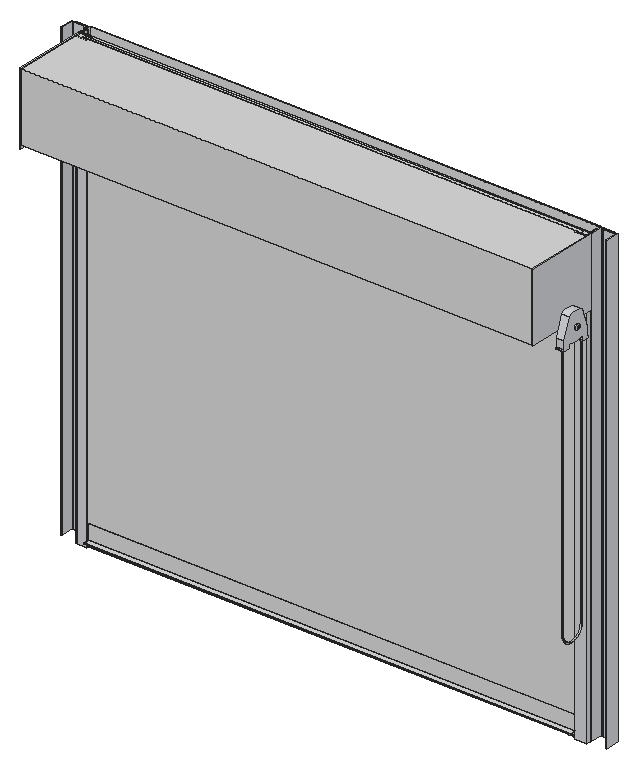
Revit family "Door_Thermiser_BetweenJambMount_Cookson", category Doors, host Wall, Revit 2013
Parameters (values of type "Hand-Chain Operated Aluminum, clear anodized finish")
  Sizing Disclaimer = "30’ wide, 30’ high standard construction. Large Openings possible, consult factory. "  # constant formula
  Revit Object Download Link = "http://cornellcookson.smartbim.com/download/Door_Thermiser_BetweenJambMount_Cookson"
  Product Options = "Insulated Doors muffle unwanted sound. STC 27"  # constant formula
  Optional Operator Cover Right = no
  Optional Operator Cover Left = no
  Mounting = "Between Jambs"  # constant formula
  URL Specifications = "http://www.cooksondoor.com/docs/default-source/Specifications/thermiser-insulated-service-door-specification_k.doc"
  URL Photographs = "http://www.cooksondoor.com/product/thermiser-insulated-doors"
  URL CAD = "http://www.cooksondoor.com/architect-tools-and-resources/drawing-generator?prod=therm"
  Motor Operator = no
  Function = Interior
  Curtain 3" slats filled w. 7/8" insulation = Aluminum, clear anodized finish (curtain only)
  Hand Chain = yes
  Bottom Bar = Aluminum, clear anodized finish (non curtain components)
  Guides = Aluminum, clear anodized finish (non curtain components)
  Hood = Aluminum, clear anodized finish (non curtain components)
  URL = "http://www.cooksondoor.com/product/thermiser-insulated-doors"
  Subcategory = "Roll Up"  # constant formula
  Optional aluminum, color anodized finish = no
  Wall Construction = "Masonry, Steel or Wood"  # constant formula
  Operator = Operator : Hand-Chain
  Representative Disclaimer = "Cookson products are sold and installed through a nationwide network of independent distributors."  # constant formula
  Distributor Locator = "http://www.cooksondoor.com/find-a-dealer"
  Operator Width = (Width - 2 * 0' 3 1/4") + 0' 3 7/16" * 2  # 12' - 0 3/8"
  Operation = ""
  From Coil Side Operate on Right = yes
  From Coil Side Operate on Left = not(From Coil Side Operate on Right)  # no
  Model = "ESD20 "  # constant formula
  Manufacturer = "CornellCookson,Inc."  # constant formula
  LEED Information = "http://www.cooksondoor.com/architect-tools-and-resources/leed-information"
  Height = 10' - 0"
  Wall Closure = By host
  Width = 12' - 0"
  Description = "Built to order Thermiser® insulated rolling doors maintain different temperatures on each side of the door. "  # constant formula
  Operator Height = Height / 1.5  # 6' - 8"
  Assembly Code = "B2030410"
  Air Infiltration / Code Compliance = "Complies with ASHRAE 90.1 and 2012 IECC® (International Energy Conservation Code) requirements or less than .3 CFM/FT2.  Air infiltration rate of .27 CFM/FT2 validated by an independent testing agency for Face of Wall mounting configuration.  Test report to be made available upon request."  # constant formula
  ASHRAE and IECC 2012 Compliance = "Foam Block in Guides with Lintel Seal inserted with Vinyl.  Meets ASHRAE 90.1 and IECC 2012 air infitration requirements of less than .3 CFM/FT2.  (Face of Wall mounted configuration. Test results available upon request.)"  # constant formula
  95 CSI = "08330"  # constant formula
  Windload = "A full range of specific wind load requirements available- Consult Cookson. "  # constant formula
  Sound Transmission Class Rating = "STC 30 for the curtain, and 22 for the complete, operable door assembly"  # constant formula
  Optional Powder Coated Finish, standard RAL colors, Galv. Steel and Aluminum only = no
  Coil Dimension Note = "17” to 30” -  Consult Cookson when dimensions are critical."  # constant formula
  Jamb Dimension Note = "Between Jambs:  7 3/4In to 11In wide. Consult Cookson when dimensions are critical."  # constant formula
  04 CSI = "08 33 00"  # constant formula
  Cost Note = "Based on size, materials selected. Consult Cookson."  # constant formula
Types (8): name | Motor Operator | Curtain 3" slats filled w. 7/8" insulation | Hand Chain | Bottom Bar | Guides | Hood | Operator | From Coil Side Operate on Right | From Coil Side Operate on Left
  Hand-Chain Operated Galvanized Steel | no | Galvanized steel (curtain only) | yes | Galvanized or powder coated plain steel (non curtain components) | Galvanized or powder coated plain steel (non curtain components) | Galvanized or powder coated plain steel (non curtain components) | Operator : Hand-Chain | yes | no
  Hand-Chain Operated Stainless steel | no | none | yes | Stainless steel (non curtain components) | Stainless steel (non curtain components) | Stainless steel (non curtain components) | Operator : Hand-Chain | yes | no
  Motor Operated Galvanized Steel | yes | Galvanized steel (curtain only) | no | Galvanized or powder coated plain steel (non curtain components) | Galvanized or powder coated plain steel (non curtain components) | Galvanized or powder coated plain steel (non curtain components) | Operator : Motor Operator | yes | no
  Motor Operated Stainless Steel | yes | none | no | Stainless steel (non curtain components) | Stainless steel (non curtain components) | Stainless steel (non curtain components) | Operator : Motor Operator | no | yes
  Hand-Chain Operated Aluminum, mill finish | no | Aluminum, mill finish (curtain only) | yes | Aluminum, mill finish (non curtain components) | Aluminum, mill finish (non curtain components) | Aluminum, mill finish (non curtain components) | Operator : Hand-Chain | yes | no
  Hand-Chain Operated Aluminum, clear anodized finish | no | Aluminum, clear anodized finish (curtain only) | yes | Aluminum, clear anodized finish (non curtain components) | Aluminum, clear anodized finish (non curtain components) | Aluminum, clear anodized finish (non curtain components) | Operator : Hand-Chain | yes | no
  Motor Operated Aluminum, clear anodized finish | yes | Aluminum, clear anodized finish (curtain only) | no | Aluminum, clear anodized finish (non curtain components) | Aluminum, clear anodized finish (non curtain components) | Aluminum, clear anodized finish (non curtain components) | Operator : Motor Operator | yes | no
  Motor Operated Aluminum, mill finish | yes | Aluminum, mill finish (curtain only) | no | Aluminum, mill finish (non curtain components) | Aluminum, mill finish (non curtain components) | Aluminum, mill finish (non curtain components) | Operator : Motor Operator | yes | no
Reference planes (in)
  plane 1 "Center (Front/Back)": y = 0
  plane 2 "Center (Left/Right)": x = 36
  plane 3 "Left": x = -36
  plane 4 "Right": x = 108
  plane 5 "Top": z = 120
  plane 6 "Wall Edge": y = -4
  plane 7 "Left Edge of Hood": x = -42.75
  plane 8: y = -4
  plane 9 "Right Edge of Hood": x = 114.75
  plane 10 "Bottom Bar Alignment": y = -5.8765
  plane 11: y = -2.12013
  plane 12: x = -29.74865
  plane 13: x = 101.74865
  plane 14: x = -31.0625
  plane 15: z = 5.53516
  plane 16: x = 105.75
  plane 17: y = -11.65733
  plane 18: y = -19.31465
  plane 19: z = 102
  plane 20: x = -39
  plane 21: y = -33.25
  plane 22: y = -21.875
  plane 23: y = -1.12488
  plane 24: z = 102
  plane 25: y = -5.5
Forms (in)
  Sweep 1, solid, material "Aluminum, clear anodized finish (non curtain components)" <- "Hood"
    path origin (0, -4, -11) x (-1, 0, 0) y (0, 0, 1)
      loop
        line (-103.4375, 124.35156) -> (31.438, 124.35156)
    profile "Profile_Hood : Profile_Hood" origin (35.99975, -4, 113.35156) x (0, 0, 1) y (0, 1, 0)
      loop
        line (6.64844, -17.875) -> (6.64844, 1.875) -> (-11.35156, 1.875) -> (-11.35156, -17.875) -> (6.64844, -17.875)
  Sweep 2, solid, material "Aluminum, clear anodized finish (non curtain components)" <- "Bottom Bar"
    path origin (-37.26514, -4, 47.99916) x (-1, 0, 0) y (0, 0, 1)
      loop
        line (-137.51514, -48) -> (-9.01514, -48)
    profile "Profile_BottomBar : Profile_BottomBar" origin (36, -4, -0.00084) x (0, 0, 1) y (0, 1, 0)
      loop
        line (1.84214, 1.28791) -> (1.60324, 2.77486)
        arc (1.60324, 2.77486) -> (1.57787, 2.80943) -> (1.535, 2.80903) r 0.047
        line (1.535, 2.80903) -> (1.535, 2.61332) -> (1.75124, 1.26741) -> (0.453, 1.26741)
        arc (0.453, 1.26741) -> (0.33587, 1.252) -> (0.22671, 1.20684) r 0.453
        arc (0.22671, 1.20684) -> (0.12854, 1.13053) -> (0.05482, 1.03042) r 0.453
        arc (0.05482, 1.03042) -> (0.00923, 0.90541) -> (0.00194, 0.77254) r 0.453
        arc (0.00194, 0.77254) -> (0.03976, 0.62881) -> (0.12207, 0.50506) r 0.453
        arc (0.12207, 0.50506) -> (0.1705, 0.46028) -> (0.22493, 0.42301) r 0.453
        arc (0.22493, 0.42301) -> (0.33488, 0.37708) -> (0.453, 0.36141) r 0.453
        line (0.453, 0.36141) -> (1.629, 0.36141) -> (1.629, -1.04659)
        arc (1.629, -1.04659) -> (1.61992, -1.06851) -> (1.598, -1.07759) r 0.031
        line (1.598, -1.07759) -> (1.566, -1.07759)
        arc (1.566, -1.07759) -> (1.54408, -1.08667) -> (1.535, -1.10859) r 0.031
        line (1.535, -1.10859) -> (1.535, -1.17009)
        arc (1.535, -1.17009) -> (1.54877, -1.20333) -> (1.582, -1.21709) r 0.047
        line (1.582, -1.21709) -> (1.676, -1.21709)
        arc (1.676, -1.21709) -> (1.70923, -1.20333) -> (1.723, -1.17009) r 0.047
        line (1.723, -1.17009) -> (1.723, 0.34491) -> (5.536, 0.34491) -> (5.536, 1.28791) -> (1.84214, 1.28791)
  Extrusion 3, solid, material "Aluminum, clear anodized finish (non curtain components)" <- "Hood"
    sketch origin (0, -0.73439, 101.99245) x (1, 0, 0) y (0, 1, 0)
      loop
        line (-31.0625, 1.48439) -> (103.063, 1.48439) -> (103.063, 1.60939) -> (-31.0625, 1.60939) -> (-31.0625, 1.48439)
    from 0.00755 to 18.00755
  Extrusion 4, solid, material "Aluminum, clear anodized finish (curtain only)" <- "Curtain 3" slats filled w. 7/8" insulation"
    sketch origin (10, 0, 0) x (1, 0, 0) y (0, 1, 0)
      loop
        line (-39.74865, -2.875) -> (-39.74865, -3.5) -> (91.74865, -3.5) -> (91.74865, -2.875) -> (-39.74865, -2.875)
    from 5.53516 to 120
Lines and regions (in)
  Opening 1
    outline origin (-98, -4, 0) x (1, 0, 0) y (0, 0, 1)
      loop
        line (62, 0) -> (206, 0) -> (206, 120) -> (62, 120) -> (62, 0)
  symbolic lines, style "Roller Chamber"
    curve 1: line (-31.438, -4, 0) -> (-36, -4, 0)
    curve 2: line (108, -4, 0) -> (103.438, -4, 0)
  symbolic lines, style "DoorsPanelProjection"
    curve 3: line (-31.438, -2.75, 0) -> (-31.438, 0.75, 0)
    curve 4: line (-31.438, 0.75, 0) -> (-34.938, 0.75, 0)
    curve 5: line (-34.938, 0.75, 0) -> (-34.938, 0.625, 0)
    curve 6: arc (-34.938, 0.625, 0) -> (-34.90139, 0.53661, 0) -> (-34.813, 0.5, 0) r 0.125
    curve 7: line (-34.813, 0.5, 0) -> (-31.813, 0.5, 0)
    curve 8: arc (-31.813, 0.5, 0) -> (-31.72461, 0.46339, 0) -> (-31.688, 0.375, 0) r 0.125
    curve 9: line (-31.688, 0.375, 0) -> (-31.688, -2.625, 0)
    curve 10: arc (-31.688, -2.625, 0) -> (-31.65139, -2.71339, 0) -> (-31.563, -2.75, 0) r 0.125
    curve 11: line (-31.563, -2.75, 0) -> (-31.438, -2.75, 0)
    curve 12: line (-35.75, -2.875, 0) -> (-35.75, 0.125, 0)
    curve 13: arc (-35.75, 0.125, 0) -> (-35.71339, 0.21339, 0) -> (-35.625, 0.25, 0) r 0.125
    curve 14: line (-35.625, 0.25, 0) -> (-32.625, 0.25, 0)
    curve 15: arc (-32.625, 0.25, 0) -> (-32.53661, 0.28661, 0) -> (-32.5, 0.375, 0) r 0.125
    curve 16: line (-32.5, 0.375, 0) -> (-32.5, 0.5, 0)
    curve 17: line (-32.5, 0.5, 0) -> (-36, 0.5, 0)
    curve 18: line (-36, 0.5, 0) -> (-36, -3, 0)
    curve 19: line (-36, -3, 0) -> (-35.875, -3, 0)
    curve 20: arc (-35.875, -3, 0) -> (-35.78661, -2.96339, 0) -> (-35.75, -2.875, 0) r 0.125
    curve 21: line (-28.34425, -2.25, 0) -> (-30.96925, -2.25, 0)
    curve 22: arc (-30.96925, -2.25, 0) -> (-31.03554, -2.22254, 0) -> (-31.063, -2.15625, 0) r 0.09375
    curve 23: line (-31.063, -2.15625, 0) -> (-31.063, -0.53125, 0)
    curve 24: arc (-31.063, -0.53125, 0) -> (-31.09046, -0.46496, 0) -> (-31.15675, -0.4375, 0) r 0.09375
    curve 25: line (-31.15675, -0.4375, 0) -> (-31.2505, -0.4375, 0)
    curve 26: line (-31.2505, -0.4375, 0) -> (-31.2505, -2.4375, 0)
    curve 27: line (-31.2505, -2.4375, 0) -> (-28.2505, -2.4375, 0)
    curve 28: line (-28.2505, -2.4375, 0) -> (-28.2505, -2.34375, 0)
    curve 29: arc (-28.2505, -2.34375, 0) -> (-28.27796, -2.27746, 0) -> (-28.34425, -2.25, 0) r 0.09375
    curve 30: line (-31.2505, -3.71875, 0) -> (-31.2505, -1.09375, 0)
    curve 31: arc (-31.2505, -1.09375, 0) -> (-31.27796, -1.02746, 0) -> (-31.34425, -1, 0) r 0.09375
    curve 32: line (-31.34425, -1, 0) -> (-31.438, -1, 0)
    curve 33: line (-31.438, -1, 0) -> (-31.438, -4, 0)
    curve 34: line (-31.438, -4, 0) -> (-28.25, -4, 0)
    curve 35: line (-28.438, -4, 0) -> (-28.438, -3.90625, 0)
    curve 36: arc (-28.438, -3.90625, 0) -> (-28.46546, -3.83996, 0) -> (-28.53175, -3.8125, 0) r 0.09375
    curve 37: line (-28.53175, -3.8125, 0) -> (-31.15675, -3.8125, 0)
    curve 38: arc (-31.15675, -3.8125, 0) -> (-31.22304, -3.78504, 0) -> (-31.2505, -3.71875, 0) r 0.09375
    curve 39: line (104.625, 0.25, 0) -> (107.625, 0.25, 0)
    curve 40: arc (107.625, 0.25, 0) -> (107.71339, 0.21339, 0) -> (107.75, 0.125, 0) r 0.125
    curve 41: line (107.75, 0.125, 0) -> (107.75, -2.875, 0)
    curve 42: arc (107.75, -2.875, 0) -> (107.78661, -2.96339, 0) -> (107.875, -3, 0) r 0.125
    curve 43: line (107.875, -3, 0) -> (108, -3, 0)
    curve 44: line (108, -3, 0) -> (108, 0.5, 0)
    curve 45: line (108, 0.5, 0) -> (104.5, 0.5, 0)
    curve 46: line (104.5, 0.5, 0) -> (104.5, 0.375, 0)
    curve 47: arc (104.5, 0.375, 0) -> (104.53661, 0.28661, 0) -> (104.625, 0.25, 0) r 0.125
    curve 48: line (103.688, -2.625, 0) -> (103.688, 0.375, 0)
    curve 49: arc (103.688, 0.375, 0) -> (103.72461, 0.46339, 0) -> (103.813, 0.5, 0) r 0.125
    curve 50: line (103.813, 0.5, 0) -> (106.813, 0.5, 0)
    curve 51: arc (106.813, 0.5, 0) -> (106.90139, 0.53661, 0) -> (106.938, 0.625, 0) r 0.125
    curve 52: line (106.938, 0.625, 0) -> (106.938, 0.75, 0)
    curve 53: line (106.938, 0.75, 0) -> (103.438, 0.75, 0)
    curve 54: line (103.438, 0.75, 0) -> (103.438, -2.75, 0)
    curve 55: line (103.438, -2.75, 0) -> (103.563, -2.75, 0)
    curve 56: arc (103.563, -2.75, 0) -> (103.65139, -2.71339, 0) -> (103.688, -2.625, 0) r 0.125
    curve 57: line (102.96925, -2.25, 0) -> (100.34425, -2.25, 0)
    curve 58: arc (100.34425, -2.25, 0) -> (100.27796, -2.27746, 0) -> (100.2505, -2.34375, 0) r 0.09375
    curve 59: line (100.2505, -2.34375, 0) -> (100.2505, -2.4375, 0)
    curve 60: line (100.2505, -2.4375, 0) -> (103.2505, -2.4375, 0)
    curve 61: line (103.2505, -2.4375, 0) -> (103.2505, -0.4375, 0)
    curve 62: line (103.2505, -0.4375, 0) -> (103.15675, -0.4375, 0)
    curve 63: arc (103.15675, -0.4375, 0) -> (103.09046, -0.46496, 0) -> (103.063, -0.53125, 0) r 0.09375
    curve 64: line (103.063, -0.53125, 0) -> (103.063, -2.15625, 0)
    curve 65: arc (103.063, -2.15625, 0) -> (103.03554, -2.22254, 0) -> (102.96925, -2.25, 0) r 0.09375
    curve 66: line (103.438, -4, 0) -> (100.438, -4, 0)
    curve 67: line (100.438, -4, 0) -> (100.438, -3.90625, 0)
    curve 68: arc (100.438, -3.90625, 0) -> (100.46546, -3.83996, 0) -> (100.53175, -3.8125, 0) r 0.09375
    curve 69: line (100.53175, -3.8125, 0) -> (103.15675, -3.8125, 0)
    curve 70: arc (103.15675, -3.8125, 0) -> (103.22304, -3.78504, 0) -> (103.2505, -3.71875, 0) r 0.09375
    curve 71: line (103.2505, -3.71875, 0) -> (103.2505, -1.09375, 0)
    curve 72: arc (103.2505, -1.09375, 0) -> (103.27796, -1.02746, 0) -> (103.34425, -1, 0) r 0.09375
    curve 73: line (103.34425, -1, 0) -> (103.438, -1, 0)
    curve 74: line (103.15675, -3.8125, 0) -> (100.53175, -3.8125, 0)
    curve 75: arc (100.53175, -3.8125, 0) -> (100.46546, -3.83996, 0) -> (100.438, -3.90625, 0) r 0.09375
    curve 76: line (100.438, -3.90625, 0) -> (100.438, -4, 0)
    curve 77: line (100.25, -4, 0) -> (103.438, -4, 0)
    curve 78: line (103.438, -4, 0) -> (103.438, -1, 0)
    curve 79: line (103.438, -1, 0) -> (103.34425, -1, 0)
    curve 80: arc (103.34425, -1, 0) -> (103.27796, -1.02746, 0) -> (103.2505, -1.09375, 0) r 0.09375
    curve 81: line (103.2505, -1.09375, 0) -> (103.2505, -3.71875, 0)
    curve 82: arc (103.2505, -3.71875, 0) -> (103.22304, -3.78504, 0) -> (103.15675, -3.8125, 0) r 0.09375
    curve 83: line (-28.25, -1.18559, 0) -> (-28.25, -2.875, 0)
    curve 84: line (-28.25, -5.21709, 0) -> (100.25, -5.21709, 0)
    curve 85: line (100.25, -1.18559, 0) -> (100.25, -2.875, 0)
    curve 86: line (-28.25, -1.18559, 0) -> (100.25, -1.18559, 0)
    curve 87: line (101.74865, -2.875, 0) -> (-29.74865, -2.875, 0)
    curve 88: line (-29.74865, -2.875, 0) -> (-29.74865, -3.5, 0)
    curve 89: line (-29.74865, -3.5, 0) -> (101.74865, -3.5, 0)
    curve 90: line (101.74865, -3.5, 0) -> (101.74865, -2.875, 0)
    curve 91: line (100.25, -3.5, 0) -> (100.25, -5.21709, 0)
    curve 92: line (-28.25, -3.5, 0) -> (-28.25, -5.21709, 0)
Text (in)
  text "Exterior" at (-74.96733, 27.31104, 0), in view "Ref. Level"
  text "Interior" at (-74.96733, -25.14366, 0), in view "Ref. Level"
  text "Exterior" at (0, 40.15149, 123.01588), in view "Right"
  text "Interior" at (0, -64.39139, 123.01588), in view "Right"
  text "Interior" at (0, -63.63426, 123.00693), in view "Left"
  text "Exterior" at (0, 54.57065, 123.00693), in view "Left"
Dimensions and locks (in)
  equal spacing: plane 3 "Left", plane 2 "Center (Left/Right)", plane 4 "Right"
  "Height": level to plane 5 "Top"
  "Width": plane 3 "Left" to plane 4 "Right"
  locked: plane 7 "Left Edge of Hood" to plane 3 "Left" at 6.75
  locked: plane 8 to plane 6 "Wall Edge"
  locked: plane 9 "Right Edge of Hood" to plane 4 "Right" at 6.75
  locked: plane 10 "Bottom Bar Alignment" to plane 8 at 1.8765
  locked: plane 11 to host wall at 2.12013
  locked: plane 3 "Left" to plane 12 at 6.25135
  locked: plane 13 to plane 4 "Right" at 6.25135
  locked: Extrusion 3 sketch curve to Extrusion 3 sketch curve at 0.125
  locked: Extrusion 3 to Extrusion 3 at 0.125
  locked: plane 14 to plane 12 at 1.31385
  locked: level to plane 15 at 5.53516
  Sweep 1 to plane 16 to plane 4 "Right" = 0' - 2 5/16", 0' - 2 1/4"
  equal spacing: plane 6 "Wall Edge", plane 17, plane 18
  locked: plane 8 to plane 18 at 15.31465
  plane 20 to plane 3 "Left" to Sweep 1 = 0' - 3", 0' - 4.562"
  plane 14 to Extrusion 4 sketch curve = 0' - 1.31385"
  locked: Extrusion 4 sketch curve to Extrusion 4 sketch curve at 0.625
  locked: plane 22 to plane 21 at 11.375
  locked: host wall to plane 22 at 17.875
  locked: plane 5 "Top" to plane 24 at 18
  plane 24 to level = 8' - 6"
  locked: Extrusion 4 sketch curve to nested 2 at 0.5
  locked: plane 19 to plane 5 "Top" at 18
  plane 3 "Left" to plane 4 "Right" = 12' - 0"
  locked: plane 3 "Left" to Sweep 1 sketch curve at 4.562
  locked: Sweep 1 sketch curve to plane 4 "Right" at 4.5625
  aligned and locked: plane 3 "Left" to Opening 1 sketch curve
  aligned and locked: plane 5 "Top" to Opening 1 sketch curve  (x2)
  aligned and locked: Opening 1 sketch curve to plane 4 "Right"
  aligned and locked: Opening 1 sketch curve to level
  aligned and locked: plane 6 "Wall Edge" to host wall
  aligned and locked: plane 8 to nested 1
  aligned and locked: plane 8 to nested 2
  aligned and locked: nested 2 to Sweep 2 sketch curve
  aligned and locked: nested 1 to Sweep 2 sketch curve
  aligned and locked: plane 3 "Left" to curve 1
  aligned and locked: Sweep 1 to curve 1
  aligned and locked: plane 6 "Wall Edge" to curve 1
  aligned and locked: plane 4 "Right" to curve 2
  aligned and locked: curve 2 to plane 6 "Wall Edge"
  aligned and locked: plane 19 to Extrusion 3
  aligned and locked: Extrusion 3 to plane 5 "Top"
  aligned: nested 1 to plane 3 "Left"
  aligned and locked: nested 2 to plane 4 "Right"
  aligned and locked: plane 15 to Sweep 2
  aligned and locked: Extrusion 4 to plane 13
  aligned and locked: plane 12 to Extrusion 4
  aligned: nested 3 to plane 24
  aligned and locked: plane 14 to Extrusion 3
  aligned and locked: Extrusion 4 to plane 5 "Top"
  aligned: nested 3 to plane 22
  aligned and locked: Extrusion 3 sketch curve to nested 2
  aligned and locked: Extrusion 4 to plane 15
  aligned: nested 4 to Sweep 1
  aligned: nested 4 to nested 3
  aligned: nested 5 to nested 3  (x2)
  aligned: nested 3 to nested 5
  aligned: nested 5 to Sweep 1
  aligned: plane 2 "Center (Left/Right)" to nested 3
  aligned and locked: Sweep 1 to nested 4
  aligned and locked: nested 4 to nested 2
  aligned and locked: nested 3 to Sweep 1  (x2)
  aligned and locked: plane 5 "Top" to nested 3
  aligned and locked: nested 4 to plane 5 "Top"
  aligned and locked: nested 5 to Sweep 1  (x2)
  aligned and locked: nested 5 to plane 5 "Top"
  aligned and locked: nested 1 to plane 3 "Left"
  aligned and locked: nested 1 to level
  aligned and locked: level to nested 2
  aligned and locked: Sweep 1 to plane 5 "Top"
  aligned and locked: curve 3 to nested 1
  aligned and locked: curve 4 to nested 1
  aligned and locked: curve 5 to nested 1
  aligned and locked: curve 6 to nested 1
  aligned and locked: curve 7 to nested 1
  aligned and locked: curve 8 to nested 1
  aligned and locked: curve 9 to nested 1
  aligned and locked: curve 10 to nested 1
  aligned and locked: curve 11 to nested 1
  aligned and locked: curve 12 to nested 1
  aligned and locked: curve 13 to nested 1
  aligned and locked: curve 14 to nested 1
  aligned and locked: curve 15 to nested 1
  aligned and locked: curve 16 to nested 1
  aligned and locked: curve 17 to nested 1
  aligned and locked: curve 18 to nested 1
  aligned and locked: curve 19 to nested 1
  aligned and locked: curve 20 to nested 1
  aligned and locked: curve 21 to nested 1
  aligned and locked: curve 22 to nested 1
  aligned and locked: curve 23 to nested 1
  aligned and locked: curve 24 to nested 1
  aligned and locked: curve 25 to nested 1
  aligned and locked: curve 26 to nested 1
  aligned and locked: curve 27 to nested 1
  aligned and locked: curve 28 to nested 1
  aligned and locked: curve 29 to nested 1
  aligned and locked: curve 30 to nested 1
  aligned and locked: curve 31 to nested 1
  aligned and locked: curve 32 to nested 1
  aligned and locked: curve 33 to nested 1
  aligned and locked: nested 1 to curve 34
  aligned and locked: curve 35 to nested 1
  aligned and locked: curve 36 to nested 1
  aligned and locked: curve 37 to nested 1
  aligned and locked: curve 38 to nested 1
  aligned and locked: curve 39 to nested 2
  aligned and locked: curve 40 to nested 2
  aligned and locked: curve 41 to nested 2
  aligned and locked: curve 42 to nested 2
  aligned and locked: curve 43 to nested 2
  aligned and locked: curve 44 to nested 2
  aligned and locked: curve 45 to nested 2
  aligned and locked: curve 46 to nested 2
  aligned and locked: curve 47 to nested 2
  aligned and locked: curve 48 to nested 2
  aligned and locked: curve 49 to nested 2
  aligned and locked: curve 50 to nested 2
  aligned and locked: curve 51 to nested 2
  aligned and locked: curve 52 to nested 2
  aligned and locked: curve 53 to nested 2
  aligned and locked: curve 54 to nested 2
  aligned and locked: curve 55 to nested 2
  aligned and locked: curve 56 to nested 2
  aligned and locked: curve 57 to nested 2
  aligned and locked: curve 58 to nested 2
  aligned and locked: curve 59 to nested 2
  aligned and locked: curve 60 to nested 2
  aligned and locked: curve 61 to nested 2
  aligned and locked: curve 62 to nested 2
  aligned and locked: curve 63 to nested 2
  aligned and locked: curve 64 to nested 2
  aligned and locked: curve 65 to nested 2
  aligned and locked: nested 2 to curve 66
  aligned and locked: curve 67 to nested 2
  aligned and locked: curve 68 to nested 2
  aligned and locked: curve 69 to nested 2
  aligned and locked: curve 70 to nested 2
  aligned and locked: curve 71 to nested 2
  aligned and locked: curve 72 to nested 2
  aligned and locked: curve 73 to nested 2
  aligned and locked: curve 74 to nested 2
  aligned and locked: curve 75 to nested 2
  aligned and locked: curve 76 to nested 2
  aligned and locked: curve 77 to nested 2
  aligned and locked: curve 78 to nested 2
  aligned and locked: curve 79 to nested 2
  aligned and locked: curve 80 to nested 2
  aligned and locked: curve 81 to nested 2
  aligned and locked: curve 82 to nested 2
  aligned and locked: Sweep 2 to curve 83
  aligned and locked: curve 84 to Sweep 2
  aligned and locked: Sweep 2 to curve 85
  aligned and locked: curve 86 to Sweep 2
  aligned and locked: curve 87 to Extrusion 4
  aligned and locked: curve 88 to Extrusion 4
  aligned and locked: curve 89 to Extrusion 4
  aligned and locked: curve 90 to Extrusion 4
Automatic sketch dimensions
  Sweep 1 sketch curve to plane 19 = 0' - 11 45/128"
  Sweep 2 sketch curve to level = 0' - 0.00084"
  Extrusion 3 sketch curve to plane 14 = 0' - 0"
  plane 13 to Extrusion 3 sketch curve = 0' - 1.31435"
  plane 13 to Extrusion 4 sketch curve = 0' - 0"
  curve 72 to curve 80 = 0' - 0"
  curve 19 to plane 3 "Left" = 0' - 0"
  curve 45 to plane 4 "Right" = 0' - 0"
  curve 91 to plane 10 "Bottom Bar Alignment" = 0' - 0.65941"
  curve 18 to curve 19 = 0' - 0 1/8"
  curve 20 to curve 12 = 0' - 0 1/8"
  curve 13 to curve 14 = 0' - 0 1/8"
  curve 14 to curve 5 = 0' - 0.687"
  curve 6 to curve 7 = 0' - 0 1/8"
  curve 14 to host wall = 0' - 0 1/4"
  plane 14 to curve 14 = 0' - 1 9/16"
  curve 15 to curve 17 = 0' - 0 1/8"
  curve 16 to curve 7 = 0' - 0.687"
  plane 14 to curve 9 = 0' - 0.6255"
  curve 10 to curve 11 = 0' - 0 1/8"
  curve 10 to curve 3 = 0' - 0 1/8"
  curve 32 to curve 32 = 0' - 0 3/32"
  curve 30 to plane 23 = 0' - 0.03113"
  curve 31 to curve 30 = 0' - 0 3/32"
  plane 14 to curve 25 = 0' - 0.188"
  plane 14 to curve 37 = 0' - 0.09425"
  curve 25 to curve 25 = 0' - 0 3/32"
  plane 14 to curve 23 = 0' - 0.0005"
  curve 21 to plane 14 = 0' - 0.09325"
  curve 37 to host wall = 0' - 0 3/16"
  curve 37 to plane 12 = 0' - 1.2169"
  curve 35 to host wall = 0' - 0 3/32"
  curve 21 to plane 11 = 0' - 0.12987"
  curve 29 to curve 28 = 0' - 0 3/32"
  curve 35 to curve 34 = 0' - 0.188"
  curve 59 to plane 11 = 0' - 0.31737"
  curve 59 to plane 13 = 0' - 1.49815"
  curve 58 to curve 57 = 0' - 0 3/32"
  curve 77 to curve 76 = 0' - 0.188"
  curve 67 to curve 69 = 0' - 0 3/32"
  curve 57 to plane 11 = 0' - 0.12987"
  plane 13 to curve 57 = 0' - 1.2206"
  host wall to curve 64 = 0' - 0 17/32"
  plane 13 to curve 64 = 0' - 1.31435"
  curve 69 to host wall = 0' - 0 3/16"
  plane 13 to curve 69 = 0' - 1.4081"
  curve 63 to curve 62 = 0' - 0 3/32"
  curve 81 to plane 23 = 0' - 0.03113"
  curve 63 to curve 81 = 0' - 0 3/32"
  curve 79 to plane 23 = 0' - 0.12488"
  curve 61 to curve 54 = 0' - 0 3/16"
  curve 72 to curve 79 = 0' - 0 3/32"
  curve 54 to curve 55 = 0' - 0 1/8"
  curve 48 to host wall = 0' - 0 3/8"
  curve 53 to curve 48 = 0' - 0 1/4"
  curve 49 to curve 50 = 0' - 0 1/8"
  curve 49 to curve 46 = 0' - 0.687"
  curve 46 to curve 39 = 0' - 0 1/8"
  plane 16 to curve 50 = 0' - 1.063"
  curve 51 to curve 52 = 0' - 0 1/8"
  plane 4 "Right" to curve 39 = 0' - 0 3/8"
  curve 40 to curve 41 = 0' - 0 1/8"
  curve 43 to curve 43 = 0' - 0 1/8"
  plane 23 to curve 86 = 0' - 0.06072"
  curve 29 to curve 86 = 0' - 0.09425"
  curve 86 to curve 57 = 0' - 0.09425"
  curve 44 to plane 11 = 0' - 0.87987"
  curve 19 to plane 11 = 0' - 0.87987"
  curve 11 to plane 11 = 0' - 0.62987"
  curve 54 to curve 60 = 0' - 0 5/16"
  curve 27 to curve 28 = 0' - 0 3/32"
  host wall to curve 23 = 0' - 0 17/32"
  curve 41 to host wall = 0' - 0 1/8"
  curve 9 to host wall = 0' - 0 3/8"
  curve 12 to curve 17 = 0' - 0 3/8"
  curve 46 to curve 46 = 0' - 0 1/8"
  curve 50 to curve 54 = 0' - 0 1/4"
  curve 5 to curve 4 = 0' - 0 1/8"
  curve 88 to plane 12 = 0' - 0"
  curve 90 to plane 13 = 0' - 0"
  curve 89 to host wall = 0' - 0 1/2"
  curve 88 to curve 87 = 0' - 0 5/8"
  curve 91 to host wall = 0' - 0 1/2"
  curve 92 to host wall = 0' - 0 1/2"
  curve 21 to plane 12 = 0' - 1.4044"
  curve 83 to plane 11 = 0' - 0.75487"
  curve 84 to plane 13 = 0' - 1.49865"
  curve 85 to host wall = 0' - 1 1/8"
Nested families (in)
  nested 1: "Jamb_Guide-Wall" at (-33.75, 0.5, 0), type "Guide"
  nested 2: "Jamb_Guide-Wall" at (105.75, 0.5, 0) x (-1, 0, 0) z (0, 0, 1), type "Guide"
  nested 3: "Operator" at (35.9995, -2.125, 31.5), type <- "Operator", type "Hand-Chain"
    with Optional Operator Cover Right no
  nested 4: "Palte_CornellIron" at (103.563, -11.875, 83.62409), type "Right Plate"
    with Plate no
  nested 5: "Palte_CornellIron" at (-31.563, -11.875, 83.62409), type "Left Plate"
    with Plate yes
Definition of nested family "Jamb_Guide-Wall"
  Parameters (values of type "Guide")
    Height = 10' - 0"
    Guide = Aluminum, mill finish (non curtain components)
    Assembly Code = ""
  Reference planes (in)
    plane 1 "Center (Front/Back)": y = 0
    plane 2: z = 0
    plane 3 "Center (Left/Right)": x = 0.0625
    plane 4: z = 120
    plane 5 "Center Line": x = 2.3125
    plane 6: y = -0.25
    plane 7: x = 5.5
    plane 8: x = -2.25
    plane 9: y = 0.25
    plane 10: y = -4.5
    plane 11: y = -2.25
  Forms (in)
    Extrusion 1, solid, material "Aluminum, mill finish (non curtain components)" <- "Guide"
      sketch origin (-14.10276, 14.79848, 0) x (1, 0, 0) y (0, 1, 0)
        loop
          line (12.10276, -18.17348) -> (12.10276, -15.17348)
          arc (12.10276, -15.17348) -> (12.13937, -15.08509) -> (12.22776, -15.04848) r 0.125
          line (12.22776, -15.04848) -> (15.22776, -15.04848)
          arc (15.22776, -15.04848) -> (15.31614, -15.01187) -> (15.35276, -14.92348) r 0.125
          line (15.35276, -14.92348) -> (15.35276, -14.79848) -> (11.85276, -14.79848) -> (11.85276, -18.29848) -> (11.97776, -18.29848)
          arc (11.97776, -18.29848) -> (12.06614, -18.26187) -> (12.10276, -18.17348) r 0.125
      from 0 to 120
    Extrusion 2, solid, material "Aluminum, mill finish (non curtain components)" <- "Guide"
      sketch origin (-14.10276, 14.79848, 0) x (1, 0, 0) y (0, 1, 0)
        loop
          line (13.03976, -14.79848) -> (16.03976, -14.79848)
          arc (16.03976, -14.79848) -> (16.12814, -14.83509) -> (16.16476, -14.92348) r 0.125
          line (16.16476, -14.92348) -> (16.16476, -17.92348)
          arc (16.16476, -17.92348) -> (16.20137, -18.01187) -> (16.28976, -18.04848) r 0.125
          line (16.28976, -18.04848) -> (16.41476, -18.04848) -> (16.41476, -14.54848) -> (12.91476, -14.54848) -> (12.91476, -14.67348)
          arc (12.91476, -14.67348) -> (12.95137, -14.76187) -> (13.03976, -14.79848) r 0.125
      from 0 to 120
    Extrusion 3, solid, material "Aluminum, mill finish (non curtain components)" <- "Guide"
      sketch origin (0, 0, 0) x (1, 0, 0) y (0, 1, 0)
        loop
          line (2.4995, -2.9375) -> (5.4995, -2.9375) -> (5.4995, -2.84375)
          arc (5.4995, -2.84375) -> (5.47204, -2.77746) -> (5.40575, -2.75) r 0.09375
          line (5.40575, -2.75) -> (2.78075, -2.75)
          arc (2.78075, -2.75) -> (2.71446, -2.72254) -> (2.687, -2.65625) r 0.09375
          line (2.687, -2.65625) -> (2.687, -1.03125)
          arc (2.687, -1.03125) -> (2.65954, -0.96496) -> (2.59325, -0.9375) r 0.09375
          line (2.59325, -0.9375) -> (2.4995, -0.9375) -> (2.4995, -2.9375)
      from 0 to 120
    Extrusion 4, solid, material "Aluminum, mill finish (non curtain components)" <- "Guide"
      sketch origin (0, 0, 0) x (1, 0, 0) y (0, 1, 0)
        loop
          line (5.21825, -4.3125) -> (2.59325, -4.3125)
          arc (2.59325, -4.3125) -> (2.52696, -4.28504) -> (2.4995, -4.21875) r 0.09375
          line (2.4995, -4.21875) -> (2.4995, -1.59375)
          arc (2.4995, -1.59375) -> (2.47204, -1.52746) -> (2.40575, -1.5) r 0.09375
          line (2.40575, -1.5) -> (2.312, -1.5) -> (2.312, -4.5) -> (5.312, -4.5) -> (5.312, -4.40625)
          arc (5.312, -4.40625) -> (5.28454, -4.33996) -> (5.21825, -4.3125) r 0.09375
      from 0 to 120
  Dimensions and locks (in)
    "Height": plane 4 to plane 2
    aligned and locked: plane 2 to level
    aligned and locked: Extrusion 1 to level
    aligned and locked: plane 4 to Extrusion 1
    aligned and locked: plane 4 to Extrusion 2
    aligned and locked: Extrusion 2 to level
    aligned and locked: Extrusion 3 to level
    aligned and locked: plane 4 to Extrusion 3
    aligned and locked: Extrusion 4 to level
    aligned and locked: plane 4 to Extrusion 4
  Automatic sketch dimensions
    Extrusion 1 sketch curve to plane 7 = 0' - 7 3/4"
    Extrusion 1 sketch curve to Extrusion 1 sketch curve = 0' - 0 1/8"  (x4)
    Extrusion 1 sketch curve to Extrusion 1 sketch curve = 0' - 0 1/4"
    Extrusion 1 sketch curve to Extrusion 1 sketch curve = 0' - 3"  (x2)
    plane 10 to Extrusion 1 sketch curve = 0' - 1"
    Extrusion 2 sketch curve to plane 9 = 0' - 0"
    Extrusion 2 sketch curve to plane 1 "Center (Front/Back)" = 0' - 0"
    plane 8 to Extrusion 2 sketch curve = 0' - 1.062"
    Extrusion 2 sketch curve to Extrusion 2 sketch curve = 0' - 0 1/8"  (x3)
    Extrusion 2 sketch curve to plane 5 "Center Line" = 0' - 0.3755"
    plane 5 "Center Line" to Extrusion 3 sketch curve = 0' - 0.187"
    Extrusion 3 sketch curve to Extrusion 3 sketch curve = 0' - 0 3/32"  (x4)
    Extrusion 3 sketch curve to plane 7 = 0' - 0.09425"
    Extrusion 3 sketch curve to plane 7 = 0' - 0.0005"
    Extrusion 3 sketch curve to plane 11 = 0' - 0 11/16"
    Extrusion 3 sketch curve to plane 6 = 0' - 0 25/32"
    Extrusion 2 sketch curve to plane 5 "Center Line" = 0' - 0.0005"
    Extrusion 2 sketch curve to plane 11 = 0' - 0 7/8"
    Extrusion 4 sketch curve to plane 10 = 0' - 0"
    Extrusion 4 sketch curve to plane 5 "Center Line" = 0' - 0.0005"
    plane 5 "Center Line" to Extrusion 4 sketch curve = 0' - 0.09325"
    plane 5 "Center Line" to Extrusion 4 sketch curve = 0' - 0.187"
    Extrusion 4 sketch curve to Extrusion 4 sketch curve = 0' - 0 3/32"  (x2)
    Extrusion 4 sketch curve to plane 7 = 0' - 0.28175"
    plane 10 to Extrusion 4 sketch curve = 0' - 0 3/32"
    plane 11 to Extrusion 4 sketch curve = 0' - 0 21/32"
Definition of nested family "Operator"
  Parameters (values of type "Motor Operator")
    Width = 12' - 0 3/8"
    Straight = no
    Right Visibility = yes
    Optional Operator Cover Right = yes
    Optional Operator Cover Left = no
    Operator Height = 6' - 8"
    Motor Visibility = not(Motor)  # yes
    Motor = no
    Material = Aluminum, clear anodized finish (non curtain components)
    Left Visibility = no
    Chain = no
    Bottom Bar = Aluminum, clear anodized finish (non curtain components)
    Assembly Code = ""
  Types (2): name | Straight | Chain
    Hand-Chain | yes | yes
    Motor Operator | no | no
  Reference planes (in)
    plane 1 "Center (Front/Back)": y = 0
    plane 2: z = 0
    plane 3 "Center (Left/Right)": x = 0
    plane 4: x = 72.1875
    plane 5: x = -72.1875
    plane 6: x = 67.4375
    plane 7: x = -67.4375
    plane 8: y = -18
    plane 9: z = 88.05919
  Forms (in)
    Extrusion 1, solid, material "Aluminum, clear anodized finish (non curtain components)" <- "Material", visible <- "Optional Operator Cover Right"
      sketch origin (73.3125, -8.5, 15.98274) x (1, 0, 0) y (0, 1, 0)
        loop
          line (-5.625, 8.5) -> (-5.625, 8.25) -> (-1.5, 8.25) -> (-1.5, -11) -> (-5.625, -11) -> (-5.625, -11.25) -> (-1.25, -11.25) -> (-1.25, 8.5) -> (-5.625, 8.5)
      from 54.51726 to 72.51726
    Extrusion 2, solid, material "Aluminum, clear anodized finish (non curtain components)" <- "Material", visible <- "Optional Operator Cover Right"
      sketch origin (73.3125, -8.5, 15.98274) x (1, 0, 0) y (0, 1, 0)
        loop
          line (-1.5, -11) -> (-1.5, 8.25) -> (-5.625, 8.25) -> (-5.625, -11) -> (-1.5, -11)
      from 72.07644 to 72.51726
    Extrusion 3, solid, material "Aluminum, clear anodized finish (non curtain components)" <- "Material", visible <- "Optional Operator Cover Left"
      sketch origin (-73.3125, -10.25, 15.98274) x (-1, 0, 0) y (0, -1, 0)
        loop
          line (-5.625, -8.5) -> (-1.25, -8.5) -> (-1.25, 9.5) -> (-5.625, 9.5) -> (-5.625, 9.25) -> (-1.5, 9.25) -> (-1.5, -8.25) -> (-5.625, -8.25) -> (-5.625, -8.5)
      from 54.51726 to 72.51726
    Extrusion 4, solid, material "Aluminum, clear anodized finish (non curtain components)" <- "Material", visible <- "Optional Operator Cover Left"
      sketch origin (-73.3125, -10.25, 15.98274) x (-1, 0, 0) y (0, -1, 0)
        loop
          line (-1.5, 9.25) -> (-5.625, 9.25) -> (-5.625, -8.25) -> (-1.5, -8.25) -> (-1.5, 9.25)
      from 71.67269 to 72.51726
  Lines and regions (in)
    symbolic lines, style "GenericModelHiddenLines", visible <- "Right Visibility"
      curve 1: line (-67.4375, -19.75, 0) -> (46.4375, -19.75, 0)
    symbolic lines, style "GenericModelHiddenLines", visible <- "Left Visibility"
      curve 2: line (-46.4375, -19.75, 0) -> (67.6875, -19.75, 0)
    symbolic lines, style "GenericModelHiddenLines", visible <- "Straight"
      curve 3: line (-67.4375, -19.75, 0) -> (67.6875, -19.75, 0)
    symbolic lines, style "GenericModelHiddenLines", visible <- "Motor Visibility"
      curve 4: line (-67.4375, -19.75, 0) -> (67.6875, -19.75, 0)
    symbolic lines, style "GenericModelHiddenLines"
      curve 5: line (-67.4375, -19.75, 0) -> (-67.4375, -1.875, 0)
      curve 6: line (67.6875, -19.75, 0) -> (67.6875, -1.875, 0)
  Dimensions and locks (in)
    equal spacing: plane 5, plane 3 "Center (Left/Right)", plane 4
    "Width": plane 5 to plane 4
    locked: plane 6 to plane 4 at 4.75
    locked: plane 5 to plane 7 at 4.75
    locked: plane 1 "Center (Front/Back)" to plane 8 at 18
    locked: curve 5 to plane 1 "Center (Front/Back)" at 1.875
    locked: curve 6 to plane 1 "Center (Front/Back)" at 1.875
    locked: Extrusion 1 to plane 9 at 0.44081
    aligned and locked: nested 1 to plane 6
    aligned: nested 3 to plane 7
    aligned: plane 7 to nested 3
    aligned: plane 7 to nested 4  (x2)
    aligned and locked: nested 1 to nested 2
    aligned and locked: nested 2 to nested 1
    aligned and locked: nested 2 to curve 6
    aligned and locked: plane 7 to nested 4
    aligned and locked: curve 5 to plane 7
    aligned and locked: nested 3 to plane 7
    aligned: Extrusion 2 sketch curve to Extrusion 1
    aligned and locked: Extrusion 2 sketch curve to Extrusion 1  (x2)
    aligned and locked: Extrusion 4 sketch curve to Extrusion 3  (x2)
    aligned and locked: Extrusion 3 to Extrusion 4 sketch curve
    aligned and locked: curve 6 to Extrusion 2 sketch curve
    aligned and locked: curve 6 to Extrusion 1 sketch curve
    aligned and locked: Extrusion 1 to nested 1  (x2)
    aligned and locked: Extrusion 2 to nested 1
    aligned and locked: Extrusion 2 to plane 9
    aligned and locked: Extrusion 3 to nested 4
    aligned and locked: nested 4 to Extrusion 3
    aligned and locked: nested 4 to Extrusion 4
    aligned and locked: nested 4 to Extrusion 3 sketch curve
    aligned and locked: Extrusion 3 sketch curve to nested 4
  Automatic sketch dimensions
    curve 1 to plane 6 = 1' - 9"
    curve 6 to plane 8 = 0' - 1 3/4"
    curve 3 to curve 2 = 1' - 9"
    plane 4 to Extrusion 1 sketch curve = 0' - 4 1/2"
    Extrusion 1 sketch curve to Extrusion 1 sketch curve = 0' - 4 1/8"
    Extrusion 1 sketch curve to Extrusion 1 sketch curve = 0' - 0 1/4"  (x3)
    Extrusion 1 sketch curve to plane 8 = 0' - 1 3/4"
    plane 8 to Extrusion 1 sketch curve = 1' - 5 3/4"
    Extrusion 3 sketch curve to Extrusion 3 sketch curve = 0' - 4 1/8"
    Extrusion 3 sketch curve to Extrusion 3 sketch curve = 0' - 0 1/4"  (x3)
    plane 8 to Extrusion 3 sketch curve = 1' - 4 1/4"
    Extrusion 3 sketch curve to Extrusion 3 sketch curve = 1' - 5 1/2"
    Extrusion 4 sketch curve to Extrusion 4 sketch curve = 0' - 4 1/8"
    Extrusion 2 sketch curve to plane 8 = 0' - 1 1/2"
  Nested families (in)
    nested 1: "Pull-Down-Pole" at (73.3125, -8.5, 0), visible <- "Right Visibility", type "Right Operator"
      with Motor no, Chain no
    nested 2: "Motor" at (46.6875, -19.75, 0), visible <- "Right Visibility", type "Motor"
      with Motor no
    nested 3: "Motor" at (-67.4375, -19.75, 0), visible <- "Left Visibility", type "Motor 2"
      with Motor no
    nested 4: "Pull-Down-Pole" at (-73.3125, -8.5, 0) x (-1, 0, 0) z (0, 0, 1), visible <- "Left Visibility", type "Left Operator"
      with Motor no, Chain no
  Definition of nested family "Motor"
    Parameters (values of type "Motor 2")
      Motor = yes
      Assembly Code = ""
    Types (2): name
      Motor 2
      Motor
    Reference planes (in)
      plane 1 "Center (Front/Back)": y = 0
      plane 2: z = 0
      plane 3 "Center (Left/Right)": x = 0
    Lines and regions (in)
      symbolic lines, style "GenericModelHiddenLines", visible <- "Motor"
        curve 1: line (0, -1.75, 0) -> (0, -11.375, 0)
        curve 2: line (0, -11.375, 0) -> (21, -11.375, 0)
        curve 3: line (21, -11.375, 0) -> (21, -1.75, 0)
    Dimensions and locks (in)
      aligned: curve 1 to plane 3 "Center (Left/Right)"
Definition of nested family "Palte_CornellIron"
  Parameters (values of type "Right Plate")
    Width = 1' - 8"
    Material = Aluminum, clear anodized finish (non curtain components)
    Plate = yes
    Height = 1' - 7"
    Assembly Code = ""
  Types (2): name | Plate
    Right Plate | yes
    Left Plate | no
  Reference planes (in)
    plane 1 "Center (Front/Back)": y = 0
    plane 2: z = 0
    plane 3 "Center (Left/Right)": x = 0
    plane 4: z = 36.37591
    plane 5: z = 26.87591
    plane 6: z = 17.37591
    plane 7: y = -10
    plane 8: y = 10
    plane 9: x = -0.125
    plane 10: x = 0.125
  Forms (in)
    Extrusion 1, solid, material "Aluminum, clear anodized finish (non curtain components)" <- "Material", visible <- "Plate"
      sketch origin (78.5625, 12.76662, -83.62409) x (0, 1, 0) y (0, 0, -1)
        loop
          line (-2.76662, -101) -> (-22.76662, -101) -> (-22.76662, -120) -> (-2.76662, -120) -> (-2.76662, -101)
      from 78.4375 to 78.6875
  Dimensions and locks (in)
    equal spacing: plane 4, plane 5, plane 6
    "Width": plane 8 to plane 7
    "Height": plane 4 to plane 6
    equal spacing: plane 8, plane 1 "Center (Front/Back)", plane 7
    aligned and locked: plane 6 to Extrusion 1
    aligned and locked: plane 4 to Extrusion 1
    aligned and locked: plane 8 to Extrusion 1
    aligned and locked: plane 7 to Extrusion 1
    aligned and locked: plane 9 to Extrusion 1
    aligned and locked: Extrusion 1 to plane 10
  Automatic sketch dimensions
    Extrusion 1 sketch curve to plane 6 = 0' - 0"
    Extrusion 1 sketch curve to plane 4 = 0' - 0"
    plane 1 "Center (Front/Back)" to Extrusion 1 sketch curve = 0' - 10"
    Extrusion 1 sketch curve to plane 1 "Center (Front/Back)" = 0' - 10"
